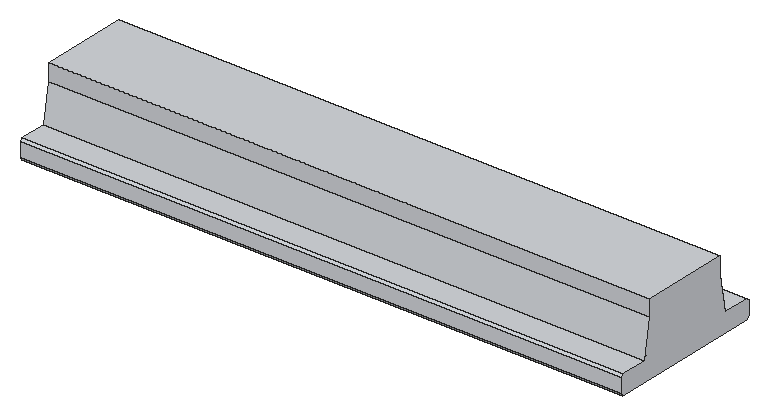
Revit family "Bjælke - LB(B)", category Structural Framing, Revit 2019
Family settings
  Section Shape = Not Defined
  Material for Model Behavior = Other
  Always export as geometry = No
  OmniClass Number = 23.25.30.11.14.14
  OmniClass Title = Beams
  Always vertical = Yes
  Cut with Voids When Loaded = No
  Symbolic Representation = From Family
  Shared = No
  Show family pre-cut in plan views = Yes
Parameters (values of type "LB 64/22/8")
  Model = if(Bredt Element, "LBB", "LB")  # "LB"
  Konsol Tykkelse = if(Tyk Konsol, 120 mm, 80 mm)  # 80 mm
  Hylde Højde Maks = 400 mm  # constant formula
  Hylde Højde = 220 mm
  Bredt Element = no
  Bredde = if(Bredt Element, 840 mm, 660 mm)  # 660 mm
  Structural Material [instance] = (empty or 0)
  Manufacturer = "CRH Concrete"  # constant formula
  Length [instance] = 3000 mm
  Højde = if(Hylde Højde Maks < Hylde Højde, Hylde Højde Maks, Hylde Højde) + Konsol Tykkelse  # 300 mm
  CRH_RFA_TimeStamp_LastRelease = 20191107  # constant formula
  Tyk Konsol = no
Types (5, lengths in mm): name | Model | Konsol Tykkelse | Bredt Element | Bredde | Højde | Tyk Konsol
  (no name) | "LB" | 80 | no | 660 | 300 | no
  LB 64/22/8 | "LB" | 80 | no | 660 | 300 | no
  LBB 84/22/8 | "LBB" | 80 | yes | 840 | 300 | no
  LBB 84/22/12 | "LBB" | 120 | yes | 840 | 340 | yes
  LB 64/22/12 | "LB" | 120 | no | 660 | 340 | yes
Reference planes
  plane 1 "Center (Front/Back)": y = 0
  plane 2 "Center Elevation": z = 0
  plane 3 "Center (Left/Right)": x = 0
  plane 4 "Left": x = -1500
  plane 5 "Member Left": x = -1250
  plane 6 "Stick Symbol Left": x = -1000
  plane 7 "Right": x = 1500
  plane 8 "Member Right": x = 1250
  plane 9 "Stick Symbol Right": x = 1000
Forms (mm)
  Sweep 1, solid
    path origin (0, 0, 0) x (1, 0, 0) y (0, 1, 0)
      loop
        line (-1250, 0) -> (1250, 0)
    profile "Profile-LB : Profile-LB" origin (0, 0, 0) x (0, 1, 0) y (0, 0, 1)
      loop
        line (-180, -70) -> (-210, -220) -> (-320, -220) -> (-330, -230) -> (-330, -290) -> (-320, -300) -> (320, -300) -> (330, -290) -> (330, -230) -> (320, -220) -> (210, -220) -> (180, -70) -> (180, 0) -> (-180, 0) -> (-180, -70)
Lines and regions (mm)
  model lines, style "Stick Symbols", not visible, detail levels coarse
    curve 1: line (-1000, 0, 0) -> (1000, 0, 0)
Dimensions and locks
  equal spacing: plane 4 "Left", plane 3 "Center (Left/Right)", plane 7 "Right"
  "Length": plane 4 "Left" to plane 7 "Right"
  aligned and locked: plane 1 "Center (Front/Back)" to curve 1
  aligned and locked: plane 6 "Stick Symbol Left" to curve 1
  aligned and locked: plane 9 "Stick Symbol Right" to curve 1
  aligned and locked: plane 2 "Center Elevation" to level
  aligned and locked: plane 1 "Center (Front/Back)" to Sweep 1 sketch curve
  aligned and locked: plane 5 "Member Left" to Sweep 1 sketch curve
  aligned and locked: plane 8 "Member Right" to Sweep 1 sketch curve
